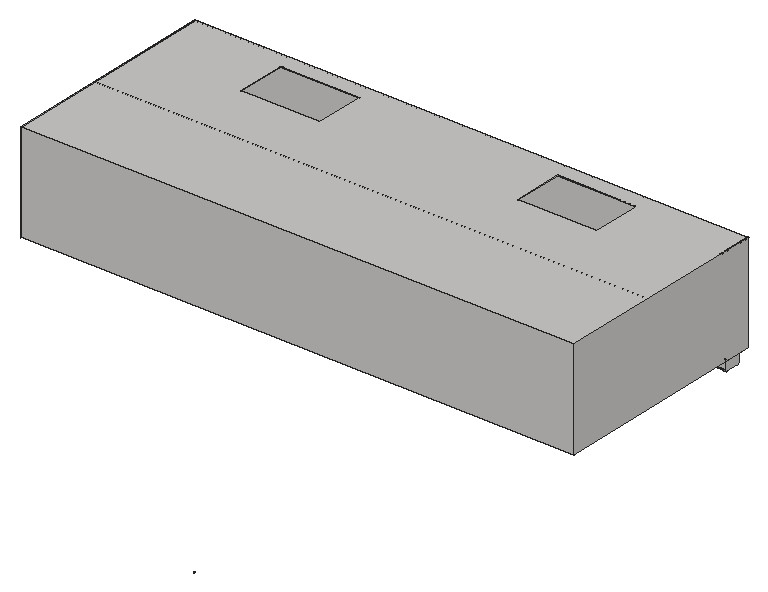
Revit family "QF_ELECTROLUXPROFESSIONAL_642019_EP1128T", category Attrezzature speciali, Revit 2021
Family settings
  Quota connettore circolare = Usa diametro
  Tipo di parte = Normale
  Basato su piano di lavoro = No
  Sempre verticale = Sì
  Taglio con vuoti quando caricato = No
  Condiviso = No
  Punto di calcolo locali = No
Parameters (values of type "Standard")
  Weight = 68.00 kg
  Watts = 0 W
  Volts = 0 V
  URL Manufacturer = "https://www.electroluxprofessional.com/"
  URL = "https://www.electroluxprofessional.com/"
  Steam Supply Size = 0 mm
  Steam Supply Minimum Pressure = 0.0 Pa
  Steam Supply Maximum Pressure = 0.0 Pa
  Steam Consumption per Hour = 0
  Refrigeration Suction Line Size = 0 mm
  Refrigeration Liquid Line Size = 0 mm
  Refrigerant Compressor Remote = yes
  Prospetto di default = 0 mm
  Produttore = "Electrolux Professional"
  Phase = 0
  Modello = "EP1128T"
  Length Actual = 2800 mm  # constant formula
  Item Number = "642019"
  Hot Water Size = 0 mm
  Height Actual = 500 mm  # constant formula
  HP = "0 HP"
  Gas Size = 0 mm
  Gas KW = 0
  Gas Input Pressure = 0 W
  Direct Waste Size = 0 mm
  Descrizione = "304 S/S WALL HOOD+FILTERS 2800X1100MM"
  Depth Actual = 1100 mm  # constant formula
  Cycle = 0 Hz
  Condensate Return Size = 0 mm
  Compressed Air Volume = 0.0 L/s
  Compressed Air Size = 0 mm
  Compressed Air Pressure = 0.0 Pa
  Cold Water Size = 0 mm
  Accessory = yes
Reference planes
  plane 1 "Center (Front/Back)": y = 0
  plane 2: z = 0
  plane 3 "Center (Left/Right)": x = 150
  plane 4 "LEFT": x = -1250
  plane 5 "RIGHT": x = 1550
  plane 6 "BACK": y = 550
  plane 7 "FRONT": y = -550
  plane 8 "TOP": z = 2500
  plane 9 "Base": z = 2000
  plane 10: z = 1926
  plane 11 "DrainY": y = 485
  plane 12: x = -1247
  plane 13: through (0, 414.509, 2000.8) normal (0, 0.7314, 0.682)
  plane 14: y = 470
  plane 15: y = 220
  plane 16 "DrainX": x = 1430
  plane 17: x = -350
  plane 18: x = 650
  plane 19: x = -750
  plane 20: x = 1050
  plane 21: x = 1547
  plane 22: x = 1340
  plane 23: x = 1520
  plane 24: x = -1210
  plane 25: x = -845
  plane 26: x = -450
  plane 27: x = 1510
  plane 28: x = 1145
  plane 29: x = 750
Forms (mm)
  Extrusion 1, solid, material "QF_Finishes_Stainless Steel"
    sketch origin (-1250, 0, 360) x (0, 1, 0) y (0, 0, 1)
      loop
        line (550, 1640) -> (550, 2140) -> (-550, 2140) -> (-550, 1640) -> (550, 1640)
    from 0 to 3
  Extrusion 2, solid, material "QF_Finishes_Stainless Steel"
    sketch origin (150, 0, 360) x (0, 1, 0) y (0, 0, 1)
      loop
        line (415.255, 1640) -> (550, 1640) -> (550, 2139.19) -> (549.2, 2139.19) -> (549.2, 1640.8) -> (415.876, 1640.8) -> (339.347, 1722.867) -> (349.609, 1732.436) -> (348.927, 1733.167) -> (337.934, 1722.917) -> (415.255, 1640)
      loop
        line (-82.203, 2139.19) -> (-82.203, 2118.6) -> (-31.047, 2118.6) -> (34.354, 2048.466) -> (46.028, 2059.352) -> (45.346, 2060.083) -> (34.403, 2049.879) -> (-30.612, 2119.6) -> (-81.203, 2119.6) -> (-81.203, 2139.19) -> (-82.203, 2139.19)
    from -1397 to 1397
  Extrusion 3, solid, material "QF_Finishes_Stainless Steel"
    sketch origin (1550, 0, 360) x (0, 1, 0) y (0, 0, 1)
      loop
        line (550, 1640) -> (550, 2140) -> (-550, 2140) -> (-550, 1640) -> (550, 1640)
    from 0 to -3
  Extrusion 4, solid, material "QF_Finishes_Stainless Steel"
    sketch origin (150, 0, 360) x (0, 1, 0) y (0, 0, 1)
      loop
        line (-550, 2140) -> (-550, 1640) -> (-549.2, 1640) -> (-549.2, 2139.19) -> (550, 2139.19) -> (550, 2140) -> (-550, 2140)
    from -1400 to 1400
  Extrusion 5, solid, material "QF_Finishes_Stainless Steel"
    sketch origin (150, 0, 360) x (0, 1, 0) y (0, 0, 1)
      loop
        line (534, 1640) -> (436, 1640) -> (436, 1627) -> (443.5, 1627) -> (443.5, 1576)
        arc (443.5, 1576) -> (446.429, 1568.929) -> (453.5, 1566) r 10
        line (453.5, 1566) -> (516.5, 1566)
        arc (516.5, 1566) -> (523.571, 1568.929) -> (526.5, 1576) r 10
        line (526.5, 1576) -> (526.5, 1627) -> (534, 1627) -> (534, 1640)
    from 1190 to 1370
  Extrusion 6, solid, material "QF_Finishes_Stainless Steel"
    sketch origin (0, 0, 2000) x (0, 1, 0) y (-1, 0, 0)
      loop
        circle (485, -1430) r 20
    from -76 to -74
  Extrusion 7, solid, material "QF_Finished_Chrome"
    sketch origin (150, 0, 360) x (0, 1, 0) y (0, 0, 1)
      loop
        line (337.934, 1722.917) -> (341.591, 1726.327) -> (38.011, 2051.876) -> (34.354, 2048.466) -> (337.934, 1722.917)
    from -995 to -1360
  Extrusion 8, solid, material "QF_Finished_Chrome"
    sketch origin (150, 0, 360) x (0, 1, 0) y (0, 0, 1)
      loop
        line (337.934, 1722.917) -> (341.591, 1726.327) -> (38.011, 2051.876) -> (34.354, 2048.466) -> (337.934, 1722.917)
    from 600 to -600
  Extrusion 9, solid, material "QF_Finishes_Stainless Steel"
    sketch origin (150, 0, 360) x (0, 1, 0) y (0, 0, 1)
      loop
        line (337.934, 1722.917) -> (341.591, 1726.327) -> (38.011, 2051.876) -> (34.354, 2048.466) -> (337.934, 1722.917)
    from 1397 to 1360
  Extrusion 10, solid, material "QF_Finishes_Stainless Steel"
    sketch origin (150, 0, 360) x (0, 1, 0) y (0, 0, 1)
      loop
        line (341.588, 1726.324) -> (38.009, 2051.874) -> (34.354, 2048.466) -> (337.934, 1722.917) -> (341.588, 1726.324)
    from -995 to -600
  Extrusion 11, solid, material "QF_Finished_Chrome"
    sketch origin (150, 0, 360) x (0, 1, 0) y (0, 0, 1)
      loop
        line (341.588, 1726.324) -> (38.009, 2051.874) -> (34.354, 2048.466) -> (337.934, 1722.917) -> (341.588, 1726.324)
    from 995 to 1360
  Extrusion 12, void
    sketch origin (0, 0, 2500) x (0, 1, 0) y (-1, 0, 0)
      loop
        line (470, 750) -> (220, 750) -> (220, 350) -> (470, 350) -> (470, 750)
    from 0 to -10
  Extrusion 13, void
    sketch origin (940, 0, 2500) x (0, 1, 0) y (-1, 0, 0)
      loop
        line (470, 290) -> (220, 290) -> (220, -110) -> (470, -110) -> (470, 290)
    from 0 to -10
  Extrusion 14, solid, material "QF_Finishes_Stainless Steel"
    sketch origin (0, 0, 0) x (1, 0, 0) y (0, 1, 0)
      loop
        line (-1250, 550) -> (-1250, 549) -> (-1249, 549) -> (-1249, 550) -> (-1250, 550)
    from 0 to 1
  Extrusion 15, solid, material "QF_Finishes_Stainless Steel"
    sketch origin (150, 0, 360) x (0, 1, 0) y (0, 0, 1)
      loop
        line (337.934, 1722.917) -> (341.591, 1726.327) -> (38.011, 2051.876) -> (34.354, 2048.466) -> (337.934, 1722.917)
    from -1360 to -1397
  Extrusion 16, solid, material "QF_Finishes_Stainless Steel"
    sketch origin (150, 0, 360) x (0, 1, 0) y (0, 0, -1)
      loop
        line (341.588, -1726.324) -> (337.934, -1722.917) -> (34.354, -2048.466) -> (38.009, -2051.874) -> (341.588, -1726.324)
    from -995 to -600
Cuts and joins
  Extrusion 12, Extrusion 13 cuts Extrusion 4
  joined: Extrusion 2, Extrusion 4
Lines and regions (mm)
  reference lines
    curve 1: line (150, 34.354, 2408.466) -> (150, 34.354, 2248.466)
  symbolic lines, style "SpecialityEquipment", detail levels coarse
    curve 2: line (1550, 550, 2500) -> (-1250, 550, 2500)
    curve 3: line (-1250, 550, 2500) -> (-1250, -550, 2500)
    curve 4: line (1550, -550, 2500) -> (1550, 550, 2500)
    curve 5: line (-1250, -550, 2500) -> (1550, -550, 2500)
    curve 6: line (-750, 220, 2500) -> (-350, 220, 2500)
    curve 7: line (-750, 470, 2500) -> (-750, 220, 2500)
    curve 8: line (-350, 470, 2500) -> (-750, 470, 2500)
    curve 9: line (-350, 220, 2500) -> (-350, 470, 2500)
    curve 10: line (650, 470, 2500) -> (650, 220, 2500)
    curve 11: line (650, 220, 2500) -> (1050, 220, 2500)
    curve 12: line (1050, 470, 2500) -> (650, 470, 2500)
    curve 13: line (1050, 220, 2500) -> (1050, 470, 2500)
    curve 14: line (-1250, -550, 0) -> (1550, 550, 0)
    curve 15: line (-1250, 550, 0) -> (1550, -550, 0)
Dimensions and locks
  plane 4 "LEFT" to plane 5 "RIGHT" = 2800 mm
  equal spacing: plane 4 "LEFT", plane 3 "Center (Left/Right)", plane 5 "RIGHT"
  plane 9 "Base" to plane 10 = 74 mm
  plane 6 "BACK" to plane 11 "DrainY" = 65 mm  (x2)
  plane 4 "LEFT" to plane 12 = 3 mm
  plane 6 "BACK" to plane 14 = 80 mm
  plane 14 to plane 15 = 250 mm  (x2)
  plane 16 "DrainX" to plane 5 "RIGHT" = 120 mm
  locked: plane 17 to plane 18 at 1000
  equal spacing: plane 17, plane 3 "Center (Left/Right)", plane 18
  plane 19 to plane 17 = 400 mm
  plane 18 to plane 20 = 400 mm
  plane 21 to plane 5 "RIGHT" = 3 mm
  locked: plane 22 to plane 16 "DrainX" at 90
  locked: plane 16 "DrainX" to plane 23 at 90
  plane 6 "BACK" to plane 7 "FRONT" = 1100 mm  (x2)
  equal spacing: plane 6 "BACK", plane 1 "Center (Front/Back)", plane 7 "FRONT"
  plane 15 to plane 7 "FRONT" = 770 mm
  plane 14 to plane 6 "BACK" = 80 mm
  locked: plane 4 "LEFT" to plane 24 at 40
  locked: plane 24 to plane 25 at 365
  locked: plane 25 to plane 26 at 395
  locked: plane 27 to plane 28 at 365
  locked: plane 28 to plane 29 at 395
  locked: plane 27 to plane 5 "RIGHT" at 40
  plane 26 to plane 29 = 1200 mm
  locked: plane 9 "Base" to level at 2000
  locked: plane 8 "TOP" to plane 9 "Base" at 500
  aligned and locked: level to plane 2
  aligned and locked: Extrusion 2 to Extrusion 1
  aligned and locked: Extrusion 2 to Extrusion 3
  aligned and locked: plane 5 "RIGHT" to Extrusion 4
  aligned and locked: Extrusion 4 to plane 4 "LEFT"
  aligned and locked: plane 21 to Extrusion 9
  aligned and locked: plane 19 to Extrusion 12
  aligned and locked: Extrusion 12 to plane 17
  aligned and locked: Extrusion 12 to plane 15
  aligned and locked: Extrusion 12 to plane 14
  aligned and locked: Extrusion 13 to plane 20
  aligned and locked: plane 18 to Extrusion 13
  aligned and locked: Extrusion 2 to Extrusion 4
  aligned and locked: plane 23 to Extrusion 5
  aligned and locked: Extrusion 5 to plane 22
  aligned and locked: Extrusion 9 to plane 27
  aligned and locked: Extrusion 11 to plane 27
  aligned and locked: Extrusion 11 to plane 28
  aligned and locked: Extrusion 8 to plane 29
  aligned and locked: Extrusion 8 to plane 26
  aligned and locked: plane 26 to Extrusion 10
  aligned and locked: Extrusion 10 to plane 25
  aligned and locked: plane 25 to Extrusion 7
  aligned and locked: Extrusion 7 to plane 24
  aligned and locked: Extrusion 15 to plane 12
  aligned and locked: plane 24 to Extrusion 15
  aligned and locked: Extrusion 16 to plane 29
  aligned and locked: Extrusion 16 to plane 28
  aligned and locked: Extrusion 3 to plane 21
Automatic sketch dimensions
  curve 5 to plane 4 "LEFT" = 0 mm
  curve 5 to plane 7 "FRONT" = 0 mm
  curve 9 to plane 15 = 0 mm
  curve 10 to plane 15 = 0 mm
  plane 14 to curve 8 = 0 mm
  plane 14 to curve 12 = 0 mm
  curve 3 to plane 6 "BACK" = 0 mm
  curve 5 to plane 5 "RIGHT" = 0 mm
  curve 11 to plane 20 = 0 mm
  curve 10 to plane 18 = 0 mm
  curve 6 to plane 17 = 0 mm
  curve 6 to plane 19 = 0 mm
  Extrusion 1 sketch curve to plane 9 "Base" = 0 mm
  Extrusion 1 sketch curve to plane 6 "BACK" = 0 mm
  Extrusion 1 sketch curve to plane 8 "TOP" = 0 mm
  Extrusion 2 sketch curve to plane 13 = 0 mm  (x3)
  Extrusion 2 sketch curve to plane 9 "Base" = 0 mm
  plane 13 to Extrusion 2 sketch curve = 0 mm
  Extrusion 2 sketch curve to plane 6 "BACK" = 0 mm
  Extrusion 2 sketch curve to Extrusion 2 sketch curve = 65.646 mm
  Extrusion 2 sketch curve to Extrusion 2 sketch curve = 0.682 mm  (x2)
  Extrusion 2 sketch curve to Extrusion 2 sketch curve = 10.261 mm
  plane 9 "Base" to Extrusion 2 sketch curve = 82.917 mm
  Extrusion 2 sketch curve to plane 1 "Center (Front/Back)" = 46.028 mm
  Extrusion 2 sketch curve to Extrusion 2 sketch curve = 10.942 mm
  Extrusion 2 sketch curve to Extrusion 2 sketch curve = 0.049 mm
  Extrusion 2 sketch curve to plane 8 "TOP" = 20.4 mm
  Extrusion 2 sketch curve to plane 8 "TOP" = 21.4 mm
  Extrusion 2 sketch curve to plane 8 "TOP" = 0.81 mm  (x2)
  Extrusion 2 sketch curve to Extrusion 2 sketch curve = 50.156 mm
  Extrusion 2 sketch curve to Extrusion 2 sketch curve = 1 mm
  plane 9 "Base" to Extrusion 2 sketch curve = 0.8 mm
  Extrusion 2 sketch curve to plane 6 "BACK" = 0.8 mm
  Extrusion 3 sketch curve to plane 9 "Base" = 0 mm
  Extrusion 3 sketch curve to plane 6 "BACK" = 0 mm
  Extrusion 3 sketch curve to plane 8 "TOP" = 0 mm
  Extrusion 4 sketch curve to plane 7 "FRONT" = 0 mm
  Extrusion 4 sketch curve to plane 6 "BACK" = 0 mm
  Extrusion 4 sketch curve to plane 8 "TOP" = 0 mm
  plane 7 "FRONT" to Extrusion 4 sketch curve = 0.8 mm
  Extrusion 4 sketch curve to plane 8 "TOP" = 0.81 mm
  curve 1 to plane 13 = 0 mm
  curve 1 to plane 1 "Center (Front/Back)" = 34.354 mm
  Extrusion 5 sketch curve to plane 9 "Base" = 0 mm
  Extrusion 5 sketch curve to plane 10 = 0 mm
  Extrusion 5 sketch curve to plane 9 "Base" = 13 mm  (x2)
  plane 14 to Extrusion 5 sketch curve = 34 mm
  Extrusion 5 sketch curve to Extrusion 5 sketch curve = 7.5 mm  (x2)
  Extrusion 5 sketch curve to Extrusion 5 sketch curve = 10 mm
  plane 11 "DrainY" to Extrusion 5 sketch curve = 31.5 mm
  Extrusion 5 sketch curve to plane 6 "BACK" = 23.5 mm
  Extrusion 6 sketch curve to plane 11 "DrainY" = 0 mm
  Extrusion 6 sketch curve to plane 16 "DrainX" = 0 mm
  Extrusion 7 sketch curve to plane 13 = 0 mm  (x2)
  Extrusion 7 sketch curve to plane 1 "Center (Front/Back)" = 34.354 mm
  Extrusion 7 sketch curve to Extrusion 7 sketch curve = 3.657 mm
  plane 9 "Base" to Extrusion 7 sketch curve = 82.917 mm
  Extrusion 8 sketch curve to plane 13 = 0 mm  (x2)
  Extrusion 8 sketch curve to plane 1 "Center (Front/Back)" = 34.354 mm
  Extrusion 8 sketch curve to Extrusion 8 sketch curve = 3.657 mm
  plane 9 "Base" to Extrusion 8 sketch curve = 82.917 mm
  Extrusion 9 sketch curve to plane 13 = 0 mm  (x2)
  Extrusion 9 sketch curve to plane 1 "Center (Front/Back)" = 34.354 mm
  Extrusion 9 sketch curve to Extrusion 9 sketch curve = 3.657 mm
  plane 9 "Base" to Extrusion 9 sketch curve = 82.917 mm
  Extrusion 10 sketch curve to plane 13 = 0 mm  (x2)
  Extrusion 10 sketch curve to plane 1 "Center (Front/Back)" = 34.354 mm
  Extrusion 10 sketch curve to Extrusion 10 sketch curve = 3.655 mm
  plane 9 "Base" to Extrusion 10 sketch curve = 82.917 mm
  Extrusion 11 sketch curve to plane 13 = 0 mm  (x2)
  Extrusion 11 sketch curve to plane 1 "Center (Front/Back)" = 34.354 mm
  Extrusion 11 sketch curve to Extrusion 11 sketch curve = 3.655 mm
  plane 9 "Base" to Extrusion 11 sketch curve = 82.917 mm
  Extrusion 12 sketch curve to plane 15 = 0 mm
  plane 14 to Extrusion 12 sketch curve = 0 mm
  Extrusion 12 sketch curve to plane 17 = 0 mm
  Extrusion 12 sketch curve to plane 19 = 0 mm
  Extrusion 13 sketch curve to plane 15 = 0 mm
  plane 14 to Extrusion 13 sketch curve = 0 mm
  Extrusion 13 sketch curve to plane 20 = 0 mm
  Extrusion 13 sketch curve to plane 18 = 0 mm
  Extrusion 14 sketch curve to plane 4 "LEFT" = 0 mm
  Extrusion 14 sketch curve to plane 6 "BACK" = 0 mm
  plane 4 "LEFT" to Extrusion 14 sketch curve = 1 mm
  Extrusion 14 sketch curve to plane 6 "BACK" = 1 mm
  Extrusion 15 sketch curve to plane 13 = 0 mm  (x2)
  Extrusion 15 sketch curve to plane 1 "Center (Front/Back)" = 34.354 mm
  Extrusion 15 sketch curve to Extrusion 15 sketch curve = 3.657 mm
  plane 9 "Base" to Extrusion 15 sketch curve = 82.917 mm
  Extrusion 16 sketch curve to plane 13 = 0 mm  (x2)
  Extrusion 16 sketch curve to plane 1 "Center (Front/Back)" = 34.354 mm
  Extrusion 16 sketch curve to Extrusion 16 sketch curve = 3.655 mm
  plane 9 "Base" to Extrusion 16 sketch curve = 82.917 mm
  Extrusion 4 sketch curve to Extrusion 4 sketch curve = 499.19 mm
  curve 1 to curve 1 = 160 mm
  Extrusion 1 sketch curve to plane 7 "FRONT" = 0 mm
  Extrusion 3 sketch curve to plane 7 "FRONT" = 0 mm
  curve 15 to plane 4 "LEFT" = 0 mm
  curve 14 to plane 4 "LEFT" = 0 mm
  curve 15 to plane 5 "RIGHT" = 0 mm
  curve 14 to plane 5 "RIGHT" = 0 mm
  curve 15 to plane 7 "FRONT" = 0 mm
  curve 14 to plane 7 "FRONT" = 0 mm
  curve 15 to plane 6 "BACK" = 0 mm
  curve 14 to plane 6 "BACK" = 0 mm
  radius of Extrusion 6 sketch curve = 20 mm
Connectors
  piping at (1430, 485, 1924), diameter 20
    settings: on Extrusion 6, index 1, connector inside diameter 609.6 mm, connector length 0 mm, flow factor 0, pipe flow 0.0 L/s, pressure drop 0.0 Pa, fitting loss kfactor 0, connector angle 0.00°, fixture units 0, engagement length 0 mm, angle of deflection 0.00°, flow configuration 1, flow direction 2, fitting loss method 0, system type 16, joint type 0, gender type 0, connector reference index -1, connector utility 0, adjustable connector no, is connector primary yes, connector description "Drain"
  hvac at (-550, 345, 2500)
    settings: on Extrusion 12, index 2, duct flow 0.0 L/s, flow factor 0, pres drop 0.0 Pa, loss coef 0, conn angle 0.00°, conn width 250 mm, conn height 400 mm, conn diameter 609.6 mm, duct sys type 3, conn prof type 1, flow config 1, flow direction 0, loss method 0, conn ref index -1, conn util no, is conn primary yes, conn desc "EXHAUST OUTLET"
  hvac at (850, 345, 2500)
    settings: on Extrusion 13, index 3, duct flow 0.0 L/s, flow factor 0, pres drop 0.0 Pa, loss coef 0, conn angle 0.00°, conn width 250 mm, conn height 400 mm, conn diameter 609.6 mm, duct sys type 3, conn prof type 1, flow config 1, flow direction 0, loss method 0, conn ref index -1, conn util no, is conn primary no, conn desc "EXHAUST OUTLET"
